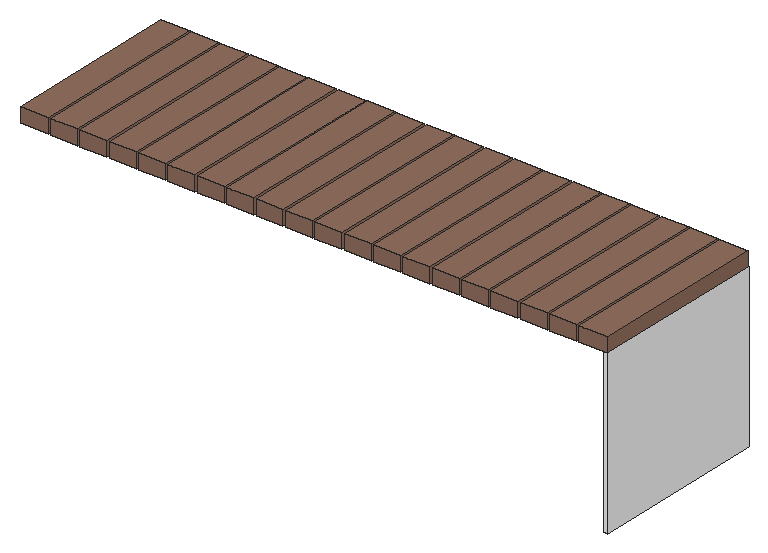
Revit family "HighTower_Ayre_SectionalBench", category Furniture, Revit 2015
Parameters (values of type "Slat")
  Width = 5' - 0"
  Upholstered = no
  URL = "www.hightoweraccess.com"
  Slat = yes
  Seat [instance] = Furniture - HIGH TOWER - Ayre - Slat
  Product URL = "http://www.hightoweraccess.com/pricelist/new/pdf/ayre.pdf"
  Model = "HT12750L / HT12750R"
  Manufacturer = "HighTower"
  Height = 1' - 6"
  Description = "Ayre Bench w/ Wood Slats"
  Depth = 1' - 6"
  Base [instance] = Furniture - HIGH TOWER - Ayre - Base
  Assembly Description = "Furniture & Accessories"
  Assembly Code = "E2020200"
Types (3): name | Upholstered | Slat | Seat | Model | Description
  (no name) | no | yes | Furniture - HIGH TOWER - Ayre - Slat | "HT12750L / HT12750R" | "Ayre Bench w/ Wood Slats"
  Slat | no | yes | Furniture - HIGH TOWER - Ayre - Slat | "HT12750L / HT12750R" | "Ayre Bench w/ Wood Slats"
  Upholstered | yes | no | Furniture - HIGH TOWER - Ayre - Upholstery | "HT12750LU" | "Ayre Sectional Bench Unit w/Upholstered Seat"
Reference planes (in)
  plane 1 "Center Front/Back": y = -1.6274
  plane 2: z = 0
  plane 3 "Center Left/Right": x = 0
  plane 4 "L": x = -30
  plane 5 "R": x = 30
  plane 6 "F": y = -10.6274
  plane 7: y = 7.3726
  plane 8: through (-6.25338, 2.33237, 23.38953) normal (0.4297, -0.4297, 0.7941)
  plane 9: z = 18
  plane 10: z = 16.5
  plane 11: x = -29.25
  plane 12: x = 29.25
  plane 13 "BL": y = 4.3726
  plane 14 "FL": y = -7.6274
  plane 15: x = -27
  plane 16: x = -24
  plane 17: x = -21
  plane 18: x = -18
  plane 19: x = -15
  plane 20: x = -12
  plane 21: x = -9
  plane 22: x = -6
  plane 23: x = -3
  plane 24: x = 0
  plane 25: x = 3
  plane 26: x = 6
  plane 27: x = 9
  plane 28: x = 12
  plane 29: x = 15
  plane 30: x = 18
  plane 31: x = 21
  plane 32: x = 24
  plane 33: x = 27
Forms (in)
  Extrusion 1, solid, material "Furniture - HIGH TOWER - Ayre - Base" <- "Base"
    sketch origin (0, -7.6274, 0) x (-1, 0, 0) y (0, 0, -1)
      loop
        line (-30, 0) -> (-30, -16.5) -> (-29.625, -16.5) -> (-29.625, 0) -> (-30, 0)
    from -15 to 3
  Extrusion 2, solid, material "Furniture - HIGH TOWER - Ayre - Slat" <- "Seat", visible <- "Slat"
    sketch origin (0, 0, 17.75) x (-1, 0, 0) y (0, -1, 0)
      loop
        line (30, -7.3726) -> (30, 10.6274) -> (27.125, 10.6274) -> (27.125, -7.3726) -> (30, -7.3726)
      loop
        line (24.125, -7.3726) -> (26.875, -7.3726) -> (26.875, 10.6274) -> (24.125, 10.6274) -> (24.125, -7.3726)
      loop
        line (23.875, -7.3726) -> (23.875, 10.6274) -> (21.125, 10.6274) -> (21.125, -7.3726) -> (23.875, -7.3726)
      loop
        line (17.875, -7.3726) -> (17.875, 10.6274) -> (15.125, 10.6274) -> (15.125, -7.3726) -> (17.875, -7.3726)
      loop
        line (18.125, -7.3726) -> (20.875, -7.3726) -> (20.875, 10.6274) -> (18.125, 10.6274) -> (18.125, -7.3726)
      loop
        line (12.125, -7.3726) -> (14.875, -7.3726) -> (14.875, 10.6274) -> (12.125, 10.6274) -> (12.125, -7.3726)
      loop
        line (11.875, -7.3726) -> (11.875, 10.6274) -> (9.125, 10.6274) -> (9.125, -7.3726) -> (11.875, -7.3726)
      loop
        line (5.875, -7.3726) -> (5.875, 10.6274) -> (3.125, 10.6274) -> (3.125, -7.3726) -> (5.875, -7.3726)
      loop
        line (6.125, -7.3726) -> (8.875, -7.3726) -> (8.875, 10.6274) -> (6.125, 10.6274) -> (6.125, -7.3726)
      loop
        line (0.125, -7.3726) -> (2.875, -7.3726) -> (2.875, 10.6274) -> (0.125, 10.6274) -> (0.125, -7.3726)
      loop
        line (-0.125, -7.3726) -> (-0.125, 10.6274) -> (-2.875, 10.6274) -> (-2.875, -7.3726) -> (-0.125, -7.3726)
      loop
        line (-6.125, -7.3726) -> (-6.125, 10.6274) -> (-8.875, 10.6274) -> (-8.875, -7.3726) -> (-6.125, -7.3726)
      loop
        line (-5.875, -7.3726) -> (-3.125, -7.3726) -> (-3.125, 10.6274) -> (-5.875, 10.6274) -> (-5.875, -7.3726)
      loop
        line (-11.875, -7.3726) -> (-9.125, -7.3726) -> (-9.125, 10.6274) -> (-11.875, 10.6274) -> (-11.875, -7.3726)
      loop
        line (-12.125, -7.3726) -> (-12.125, 10.6274) -> (-14.875, 10.6274) -> (-14.875, -7.3726) -> (-12.125, -7.3726)
      loop
        line (-18.125, -7.3726) -> (-18.125, 10.6274) -> (-20.875, 10.6274) -> (-20.875, -7.3726) -> (-18.125, -7.3726)
      loop
        line (-17.875, -7.3726) -> (-15.125, -7.3726) -> (-15.125, 10.6274) -> (-17.875, 10.6274) -> (-17.875, -7.3726)
      loop
        line (-23.875, -7.3726) -> (-21.125, -7.3726) -> (-21.125, 10.6274) -> (-23.875, 10.6274) -> (-23.875, -7.3726)
      loop
        line (-24.125, -7.3726) -> (-24.125, 10.6274) -> (-26.875, 10.6274) -> (-26.875, -7.3726) -> (-24.125, -7.3726)
      loop
        line (-30, -7.3726) -> (-27.125, -7.3726) -> (-27.125, 10.6274) -> (-30, 10.6274) -> (-30, -7.3726)
    from -1.25 to 0.25
  Extrusion 3, solid, material "Furniture - HIGH TOWER - Ayre - Base" <- "Base"
    sketch origin (0, 0, 0) x (0, 1, 0) y (0, 0, 1)
      loop
        line (4.3726, 16.5) -> (-7.6274, 16.5) -> (-7.6274, 14.5) -> (-7.3774, 14.5) -> (-7.3774, 16.25) -> (4.1226, 16.25) -> (4.1226, 14.5) -> (4.3726, 14.5) -> (4.3726, 16.5)
    from -29.25 to 29.625
  Extrusion 4, solid, material "Furniture - HIGH TOWER - Ayre - Slat" <- "Seat", visible <- "Upholstered"
    sketch origin (0, 0, 17.75) x (-1, 0, 0) y (0, -1, 0)
      loop
        line (30, -7.3726) -> (30, 10.6274) -> (-30, 10.6274) -> (-30, -7.3726) -> (30, -7.3726)
    from -1.25 to 0.25
Dimensions and locks (in)
  equal spacing: plane 4 "L", plane 3 "Center Left/Right", plane 5 "R"
  "Width": plane 4 "L" to plane 5 "R"
  "Depth": plane 7 to plane 6 "F"
  "Height": plane 9 to level
  equal spacing: plane 7, plane 1 "Center Front/Back", plane 6 "F"
  locked: plane 6 "F" to plane 14 "FL" at 3
  locked: plane 7 to plane 13 "BL" at 3
  locked: plane 4 "L" to plane 11 at 0.75
  locked: plane 12 to plane 5 "R" at 0.75
  equal spacing: plane 4 "L", plane 15, plane 16, plane 17, plane 18, plane 19, plane 20, plane 21, plane 22, plane 23, plane 24, plane 25, plane 26, plane 27, plane 28, plane 29, plane 30, plane 31, plane 32, plane 33, plane 5 "R"
  aligned and locked: plane 7 to Extrusion 1
  aligned and locked: Extrusion 1 to plane 6 "F"
  aligned and locked: Extrusion 4 sketch curve to plane 7
  aligned and locked: plane 6 "F" to Extrusion 4 sketch curve
  aligned and locked: plane 4 "L" to Extrusion 4 sketch curve
  aligned and locked: plane 5 "R" to Extrusion 4 sketch curve
  aligned and locked: Extrusion 4 to plane 10
  aligned and locked: Extrusion 3 to Extrusion 1
Automatic sketch dimensions
  plane 5 "R" to Extrusion 1 sketch curve = 0' - 0"
  Extrusion 1 sketch curve to plane 10 = 0' - 0"
  Extrusion 1 sketch curve to plane 12 = 0' - 0 3/8"
  Extrusion 1 sketch curve to level = 0' - 0"
  Extrusion 2 sketch curve to plane 5 "R" = 0' - 0"
  Extrusion 2 sketch curve to plane 6 "F" = 0' - 0"  (x20)
  Extrusion 2 sketch curve to plane 7 = 0' - 0"  (x20)
  Extrusion 2 sketch curve to plane 4 "L" = 0' - 0"
  plane 33 to Extrusion 2 sketch curve = 0' - 0 1/8"
  Extrusion 2 sketch curve to plane 33 = 0' - 0 1/8"
  plane 32 to Extrusion 2 sketch curve = 0' - 0 1/8"
  Extrusion 2 sketch curve to plane 32 = 0' - 0 1/8"
  plane 31 to Extrusion 2 sketch curve = 0' - 0 1/8"
  Extrusion 2 sketch curve to plane 31 = 0' - 0 1/8"
  plane 30 to Extrusion 2 sketch curve = 0' - 0 1/8"
  Extrusion 2 sketch curve to plane 30 = 0' - 0 1/8"
  plane 29 to Extrusion 2 sketch curve = 0' - 0 1/8"
  Extrusion 2 sketch curve to plane 29 = 0' - 0 1/8"
  plane 28 to Extrusion 2 sketch curve = 0' - 0 1/8"
  Extrusion 2 sketch curve to plane 28 = 0' - 0 1/8"
  plane 27 to Extrusion 2 sketch curve = 0' - 0 1/8"
  Extrusion 2 sketch curve to plane 27 = 0' - 0 1/8"
  plane 26 to Extrusion 2 sketch curve = 0' - 0 1/8"
  Extrusion 2 sketch curve to plane 26 = 0' - 0 1/8"
  plane 25 to Extrusion 2 sketch curve = 0' - 0 1/8"
  Extrusion 2 sketch curve to plane 25 = 0' - 0 1/8"
  plane 3 "Center Left/Right" to Extrusion 2 sketch curve = 0' - 0 1/8"
  Extrusion 2 sketch curve to plane 3 "Center Left/Right" = 0' - 0 1/8"
  plane 23 to Extrusion 2 sketch curve = 0' - 0 1/8"
  Extrusion 2 sketch curve to plane 23 = 0' - 0 1/8"
  plane 22 to Extrusion 2 sketch curve = 0' - 0 1/8"
  Extrusion 2 sketch curve to plane 22 = 0' - 0 1/8"
  plane 21 to Extrusion 2 sketch curve = 0' - 0 1/8"
  Extrusion 2 sketch curve to plane 21 = 0' - 0 1/8"
  plane 20 to Extrusion 2 sketch curve = 0' - 0 1/8"
  Extrusion 2 sketch curve to plane 20 = 0' - 0 1/8"
  plane 19 to Extrusion 2 sketch curve = 0' - 0 1/8"
  Extrusion 2 sketch curve to plane 19 = 0' - 0 1/8"
  plane 18 to Extrusion 2 sketch curve = 0' - 0 1/8"
  Extrusion 2 sketch curve to plane 18 = 0' - 0 1/8"
  plane 17 to Extrusion 2 sketch curve = 0' - 0 1/8"
  Extrusion 2 sketch curve to plane 17 = 0' - 0 1/8"
  plane 16 to Extrusion 2 sketch curve = 0' - 0 1/8"
  Extrusion 2 sketch curve to plane 16 = 0' - 0 1/8"
  plane 15 to Extrusion 2 sketch curve = 0' - 0 1/8"
  Extrusion 2 sketch curve to plane 15 = 0' - 0 1/8"
  Extrusion 3 sketch curve to plane 14 "FL" = 0' - 0"
  Extrusion 3 sketch curve to plane 13 "BL" = 0' - 0"
  Extrusion 3 sketch curve to plane 10 = 0' - 0"
  Extrusion 3 sketch curve to plane 14 "FL" = 0' - 0 1/4"
  Extrusion 3 sketch curve to Extrusion 3 sketch curve = 0' - 0 1/4"
  Extrusion 3 sketch curve to plane 10 = 0' - 0 1/4"
  Extrusion 3 sketch curve to Extrusion 3 sketch curve = 0' - 1 3/4"  (x2)
